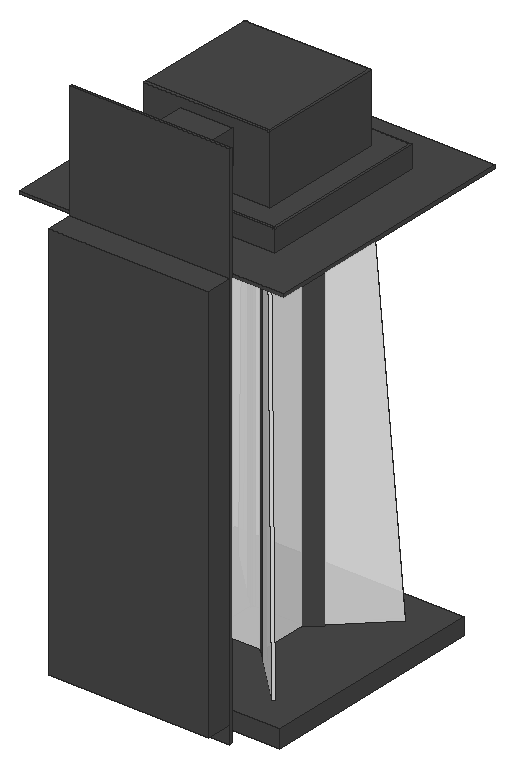
Revit family "3-760-xx - Arte Wall Sconce", category Lighting Fixtures, host Wall, Revit 2019
Family settings
  Host = Wall
  Round Connector Dimension = Use Diameter
  Part Type = Normal
  OmniClass Number = 23.80.70.00
  OmniClass Title = Lighting
  Always vertical = Yes
  Cut with Voids When Loaded = No
  Light Source = Yes
  Shared = No
  Room Calculation Point = No
Parameters (values of type "3-760-15 / Black - Clear Bubble Glass")
  Wattage Comments = "1 x 10.21 W at 120 V"  # constant formula
  Wattage = 10.21 W
  built-in parameter 1150110 = 1 (stored number, unit not read)
  Voltage Input = "120 V or 277 V - 50/60 Hz"  # constant formula
  Voltage = 120 V
  URL = "www.oxygenlighting.com"
  built-in parameter 1114217 = 1 (stored number, unit not read)
  built-in parameter 1150109 = 1 (stored number, unit not read)
  built-in parameter 1150134 = (empty or 0)
  built-in parameter 1150113 = 1 (stored number, unit not read)
  References = "Ref. 3 = 120 V / Ref. 37 = 277 V"  # constant formula
  Model = "3-760-xx / Arte Wall Sconce"  # constant formula
  Metal Finish = 15 - Black
  Manufacturer = "Oxygen Lighting and Fans"  # constant formula
  Lumens = 149.066 lm
  built-in parameter 1150115 = 1 (stored number, unit not read)
  built-in parameter 1150105 = 11.862 (stored number, unit not read)
  Light Source Symbol Size = 609.6 mm
  built-in parameter 1150137 = (empty or 0)
  built-in parameter 1150139 = (empty or 0)
  built-in parameter 1150112 = 1 (stored number, unit not read)
  built-in parameter 1150114 = 1 (stored number, unit not read)
  Lamp = "LED Array"  # constant formula
  built-in parameter 1150132 = (empty or 0)
  built-in parameter 1150102 = (empty or 0)
  built-in parameter 1150138 = (empty or 0)
  built-in parameter 1150107 = 3000 (stored number, unit not read)
  built-in parameter 1150106 = 0.11862 (stored number, unit not read)
  built-in parameter 1150104 = 1.3564 (stored number, unit not read)
  Dimming Lamp Color Temperature Shift = <None>
  Diffusers = Clear Bubble Glass
  Color Filter = 16777215
  built-in parameter 1114218 = 1 (stored number, unit not read)
  built-in parameter 1150133 = 10 (stored number, unit not read)
Reference planes
  plane 1: y = 0
  plane 2 "Light Source Axis (L/R)": x = 125
  plane 3 "Light Source Axis (F/R)": y = 215
  plane 4 "Light Source Elevation": z = 1240
  plane 5: y = 75
Text (mm)
  text "Placement side" at (-1787.139, 1116.779, 0), in view "Ref. Level"
  text "Placement side" at (0, 2110.396, 2986.058), in view "Left"
  text "Placement side" at (0, 628.478, 3011.967), in view "Right"
Dimensions and locks
  aligned and locked: plane 1 to host wall
  aligned and locked: plane 2 "Light Source Axis (L/R)" to imposter light
  aligned and locked: plane 3 "Light Source Axis (F/R)" to imposter light
  aligned and locked: plane 4 "Light Source Elevation" to imposter light
  aligned and locked: plane 5 to host wall
  aligned and locked: plane 5 to nested 1
  aligned and locked: nested 1 to plane 2 "Light Source Axis (L/R)"
  aligned and locked: nested 1 to plane 4 "Light Source Elevation"
Nested families
  nested 1: "Family1" at (125, 75, 890.5) x (-1, 0, 0) z (0, 0, 1), type "Family1"
Connectors
  electrical at (125.054, 75, 1065.25), driven by "Voltage"
    settings: on nested 1, index 1, voltage 120 V, apparent load 0 VA, apparent load phase1 0 VA, apparent load phase2 0 VA, apparent load phase3 0 VA, power factor 1, load classification "Other", number of poles 1, system type 31, power factor state 1, is connector primary yes, connector utility no, sub classification motor no, connector description ""
Definition of nested family "Family1"
  Parameters (values of type "Family1")
    Metal Finish = none
    Diffusers = none
  Reference planes
    plane 1 "Center (Front/Back)": y = 0
    plane 2: z = 0
    plane 3 "Center (Left/Right)": x = 0
    plane 4: y = -49.142
  Forms (mm)
    Extrusion 1, solid, material <- "Metal Finish"
      sketch origin (0, 0, 0) x (1, 0, 0) y (0, 0, 1)
        loop
          line (-55.054, 432.5) -> (-55.054, 372.5) -> (54.946, 372.5) -> (54.946, 432.5) -> (-55.054, 432.5)
      from 85 to 195
    Sweep 2, void
      path in 3D
        loop
          line (-55.054, -85, 432.5) -> (54.946, -85, 432.5) -> (54.946, -195, 432.5) -> (-55.054, -195, 432.5) -> (-55.054, -85, 432.5)
      profile origin (-55.054, -140, 432.5) x (-1, 0, 0) y (0, 0, 1)
        loop
          line (0, -1) -> (0, 0) -> (-1, 0)
          arc (-1, 0) -> (-0.293, -0.293) -> (0, -1) r 1
    Extrusion 3, solid, material <- "Metal Finish"
      sketch origin (0, 0, 0) x (1, 0, 0) y (0, 0, 1)
        loop
          line (-75.054, 352.5) -> (74.946, 352.5) -> (74.946, 372.5) -> (-75.054, 372.5) -> (-75.054, 352.5)
      from 65 to 215
    Sweep 4, void
      path in 3D
        loop
          line (-75.054, -65, 372.5) -> (74.946, -65, 372.5) -> (74.946, -215, 372.5) -> (-75.054, -215, 372.5) -> (-75.054, -65, 372.5)
      profile origin (-75.054, -140, 372.5) x (-1, 0, 0) y (0, 0, 1)
        loop
          line (0, -1) -> (0, 0) -> (-1, 0)
          arc (-1, 0) -> (-0.293, -0.293) -> (0, -1) r 1
    Extrusion 5, solid, material <- "Metal Finish"
      sketch origin (0, 0, 0) x (1, 0, 0) y (0, 0, 1)
        loop
          line (-115.054, 352.5) -> (-115.054, 349.5) -> (114.946, 349.5) -> (114.946, 352.5) -> (-115.054, 352.5)
      from 25 to 255
    Extrusion 6, solid, material <- "Metal Finish"
      sketch origin (0, 0, 0) x (1, 0, 0) y (0, 0, 1)
        loop
          line (-100.054, -15) -> (99.946, -15) -> (99.946, 0) -> (-100.054, 0) -> (-100.054, -15)
      from 40 to 240
    Extrusion 7, solid, material <- "Metal Finish"
      sketch origin (0, 0, 0) x (1, 0, 0) y (0, 0, 1)
        loop
          line (-25.054, -15) -> (-25.054, -33) -> (24.946, -33) -> (24.946, -15) -> (-25.054, -15)
      from 115 to 165
    Extrusion 8, solid, material <- "Metal Finish"
      sketch origin (0, 0, 0) x (0, 1, 0) y (0, 0, 1)
        loop
          line (-23, 451) -> (-25, 451) -> (-25, -15) -> (-23, -15) -> (-23, 451)
      from -70.054 to 69.946
    Extrusion 9, solid, material <- "Metal Finish"
      sketch origin (0, 0, 0) x (1, 0, 0) y (0, 1, 0)
        loop
          line (-70.054, 0) -> (-70.054, -23) -> (69.946, -23) -> (69.946, 0) -> (-70.054, 0)
      from 0 to 349.5
    Extrusion 10, solid, material <- "Metal Finish"
      sketch origin (0, 0, 0) x (0, 1, 0) y (0, 0, 1)
        loop
          line (-25, 393.5) -> (-25, 423.5) -> (-85, 423.5) -> (-85, 393.5) -> (-25, 393.5)
      from -22.604 to 22.497
    Extrusion 11, solid, material <- "Diffusers"
      sketch origin (59.151, -199.139, 0) x (0.707107, -0.707107, 0) y (0, 0, 1)
        loop
          line (-129.61, 0) -> (-129.61, 349.5) -> (-161.402, 349.5) -> (-185.653, 0) -> (-129.61, 0)
      from -1.5 to 1.5
    Extrusion 12, solid, material <- "Diffusers"
      sketch origin (0, 0.098, 0) x (0, 1, 0) y (0, 0, 1)
        loop
          line (-117.548, 0) -> (-117.548, 349.5) -> (-162.649, 349.5) -> (-162.649, 0) -> (-117.548, 0)
      from -22.604 to 22.497
    Extrusion 13, solid, material <- "Metal Finish"
      sketch origin (-7.554, -22.393, 0) x (1, 0, 0) y (0, 1, 0)
        loop
          line (-26.004, -86.158) -> (-15.05, -97.112) -> (-15.05, -95.057) -> (-12.863, -95.057) -> (-23.883, -84.037) -> (-26.004, -86.158)
      from 0 to 349.5
    Extrusion 14, solid, material <- "Diffusers"
      sketch origin (-59.457, -198.939, 0) x (-0.710267, -0.703932, 0) y (0, 0, 1)
        loop
          line (-129.61, 0) -> (-129.61, 349.5) -> (-161.402, 349.5) -> (-185.653, 0) -> (-129.61, 0)
      from -1.5 to 1.5
    Extrusion 15, solid, material <- "Metal Finish"
      sketch origin (117.586, -133.027, 0) x (-0.00448, -0.99999, 0) y (0.99999, -0.00448, 0)
        loop
          line (-26.004, -86.158) -> (-15.131, -97.031) -> (-15.131, -95.165) -> (-12.755, -95.165) -> (-23.883, -84.037) -> (-26.004, -86.158)
      from 0 to 349.5
    Extrusion 16, solid, material <- "Diffusers"
      sketch origin (-59.105, -80.707, 0) x (-0.705268, 0.708941, 0) y (0, 0, 1)
        loop
          line (-129.61, 0) -> (-129.61, 349.5) -> (-161.402, 349.5) -> (-185.653, 0) -> (-129.61, 0)
      from -1.5 to 1.5
    Extrusion 17, solid, material <- "Metal Finish"
      sketch origin (7.141, -257.626, 0) x (-0.999997, 0.002597, 0) y (-0.002597, -0.999997, 0)
        loop
          line (-26.004, -86.158) -> (-15.05, -97.112) -> (-15.05, -95.057) -> (-12.863, -95.057) -> (-23.883, -84.037) -> (-26.004, -86.158)
      from 0 to 349.5
    Extrusion 18, solid, material <- "Diffusers"
      sketch origin (59.343, -81.053, 0) x (0.710181, 0.704019, 0) y (0, 0, 1)
        loop
          line (-129.61, 0) -> (-129.61, 349.5) -> (-161.402, 349.5) -> (-185.653, 0) -> (-129.61, 0)
      from -1.5 to 1.5
    Extrusion 19, solid, material <- "Metal Finish"
      sketch origin (-117.692, -146.987, 0) x (0.004358, 0.999991, 0) y (-0.999991, 0.004358, 0)
        loop
          line (-26.004, -86.158) -> (-15.163, -97) -> (-15.163, -95.161) -> (-12.759, -95.161) -> (-23.883, -84.037) -> (-26.004, -86.158)
      from 0 to 349.5
  Cuts and joins
    Sweep 2, Sweep 4 cuts Extrusion 1
    Sweep 4 cuts Extrusion 3
  Lines and regions (mm)
    sketch lines
      curve 1: line (-55.054, -195, 432.5) -> (-55.054, -85, 432.5)
      curve 2: line (54.946, -195, 432.5) -> (-55.054, -195, 432.5)
      curve 3: line (54.946, -195, 432.5) -> (54.946, -85, 432.5)
      curve 4: line (-55.054, -85, 432.5) -> (54.946, -85, 432.5)
      curve 5: line (-75.054, -215, 372.5) -> (-75.054, -65, 372.5)
      curve 6: line (74.946, -215, 372.5) -> (-75.054, -215, 372.5)
      curve 7: line (74.946, -215, 372.5) -> (74.946, -65, 372.5)
      curve 8: line (-75.054, -65, 372.5) -> (74.946, -65, 372.5)
  Dimensions and locks
    aligned and locked: level to plane 2
